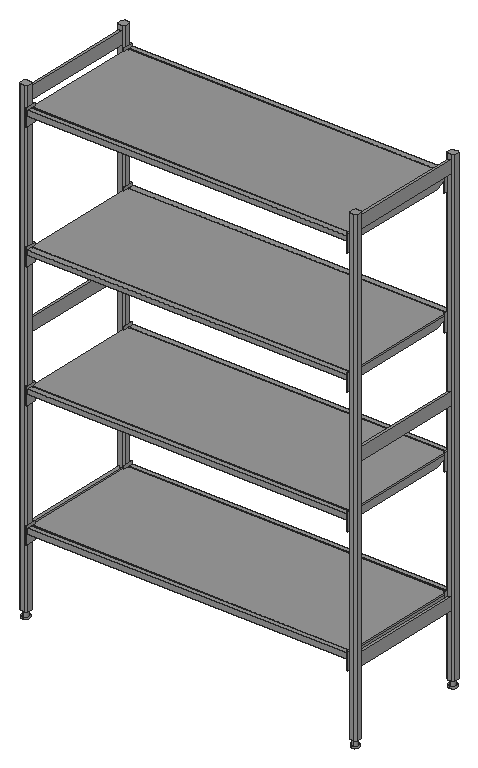
Revit family "QF_ELECTROLUXPROFESSIONAL_137035_BLS1216", category Attrezzature speciali, Revit 2020
Family settings
  Quota connettore circolare = Usa diametro
  Tipo di parte = Normale
  Basato su piano di lavoro = No
  Sempre verticale = Sì
  Taglio con vuoti quando caricato = No
  Condiviso = No
  Punto di calcolo locali = No
Parameters (values of type "Standard")
  Weight = 24.00 kg
  Watts = 0 W
  Volts = 0 V
  URL Manufacturer = "https://www.electroluxprofessional.com/"
  URL = "https://www.electroluxprofessional.com/"
  Steam Supply Size = 0 mm
  Steam Supply Minimum Pressure = 0.0 Pa
  Steam Supply Maximum Pressure = 0.0 Pa
  Steam Consumption per Hour = 0
  Refrigeration Suction Line Size = 0.0 mm
  Refrigeration Liquid Line Size = 0.0 mm
  Refrigerant Compressor Remote = yes
  Prospetto di default = 0.0 mm
  Phase = 0
  Modello = "BLS1216"
  Produttore = "Electrolux Professional"
  Length Actual = 1216.0 mm  # constant formula
  Item Number = "137035"
  Hot Water Size = 0 mm
  Height Actual = 1700.0 mm  # constant formula
  HP = "0 HP"
  Gas Size = 0 mm
  Gas KW = 0
  Gas Input Pressure = 0 W
  Direct Waste Size = 0 mm
  Descrizione = "ALUM.LINEAR SHELV.-POLY.TIERS-475X1216MM"
  Depth Actual = 475.0 mm  # constant formula
  Cycle = 0 Hz
  Condensate Return Size = 0 mm
  Compressed Air Volume = 0.0 L/s
  Compressed Air Size = 0 mm
  Compressed Air Pressure = 0.0 Pa
  Cold Water Size = 0 mm
  Accessory = yes
Reference planes
  plane 1: z = 0
  plane 2 "Center (Left/Right)": x = -31
  plane 3 "LEFT": x = -639
  plane 4 "RIGHT": x = 577
  plane 5 "BACK": y = 23
  plane 6 "FRONT": y = -452
  plane 7 "TOP": z = 1700
  plane 8: x = 572
  plane 9: x = -607
  plane 10: x = 545
  plane 11 "Center (Front/Back)": y = -214.5
  plane 12: x = 540
  plane 13: y = -8.5
  plane 14: y = -420.5
  plane 15 "FEET": z = 25
  plane 16: z = 275
  plane 17: z = 725
  plane 18: z = 1175
  plane 19: z = 1625
  plane 20 "CXLeft": x = -625
  plane 21 "CXRight": x = 563
  plane 22: y = 5.5
  plane 23 "CYBack": y = 5.5
  plane 24 "CYFront": y = -434.5
Forms (mm)
  Extrusion 1, solid, material "QF_Aluminum"
    sketch origin (-639, 0, 0) x (0, 1, 0) y (0, 0, 1)
      loop
        line (4, 1650.994) -> (4, 1632.998) -> (23, 1632.998) -> (23, 1650.994) -> (4, 1650.994)
      loop
        line (-433, 1650.994) -> (-452, 1650.994) -> (-452, 1632.998) -> (-433, 1632.998) -> (-433, 1650.994)
      loop
        line (4, 1200.994) -> (4, 1182.998) -> (23, 1182.998) -> (23, 1200.994) -> (4, 1200.994)
      loop
        line (-433, 1200.994) -> (-452, 1200.994) -> (-452, 1182.998) -> (-433, 1182.998) -> (-433, 1200.994)
      loop
        line (4, 750.994) -> (4, 732.998) -> (23, 732.998) -> (23, 750.994) -> (4, 750.994)
      loop
        line (-433, 750.994) -> (-452, 750.994) -> (-452, 732.998) -> (-433, 732.998) -> (-433, 750.994)
      loop
        line (4, 300.994) -> (4, 282.998) -> (23, 282.998) -> (23, 300.994) -> (4, 300.994)
      loop
        line (-433, 300.994) -> (-452, 300.994) -> (-452, 282.998) -> (-433, 282.998) -> (-433, 300.994)
    from 32 to 1184
  Extrusion 2, solid, material "QF_Polyethylene"
    sketch origin (-639, 0, 0) x (0, 1, 0) y (0, 0, 1)
      loop
        line (2.007, 1650.994) -> (-431, 1650.994) -> (-431, 1644.496) -> (2.007, 1644.496) -> (2.007, 1650.994)
      loop
        line (2.007, 1200.994) -> (-431, 1200.994) -> (-431, 1194.496) -> (2.007, 1194.496) -> (2.007, 1200.994)
      loop
        line (2.007, 750.994) -> (-431, 750.994) -> (-431, 744.496) -> (2.007, 744.496) -> (2.007, 750.994)
      loop
        line (2.007, 300.994) -> (-431, 300.994) -> (-431, 294.496) -> (2.007, 294.496) -> (2.007, 300.994)
    from 32 to 1184
  Extrusion 3, solid, material "QF_Aluminum"
    sketch origin (577, 0, 0) x (0, 1, 0) y (0, 0, 1)
      loop
        line (-12, 1632.998) -> (4, 1632.998) -> (4, 1650.994) -> (2.007, 1650.994) -> (2.007, 1644.496) -> (-431, 1644.496) -> (-431, 1650.994) -> (-433, 1650.994) -> (-433, 1632.998) -> (-417, 1632.998) -> (-383, 1620.994) -> (-46, 1620.994) -> (-12, 1632.998)
      loop
        line (-12, 1182.998) -> (4, 1182.998) -> (4, 1200.994) -> (2.007, 1200.994) -> (2.007, 1194.496) -> (-431, 1194.496) -> (-431, 1200.994) -> (-433, 1200.994) -> (-433, 1182.998) -> (-417, 1182.998) -> (-383, 1170.994) -> (-46, 1170.994) -> (-12, 1182.998)
      loop
        line (-12, 732.998) -> (4, 732.998) -> (4, 750.994) -> (2.007, 750.994) -> (2.007, 744.496) -> (-431, 744.496) -> (-431, 750.994) -> (-433, 750.994) -> (-433, 732.998) -> (-417, 732.998) -> (-383, 720.994) -> (-46, 720.994) -> (-12, 732.998)
      loop
        line (-12, 282.998) -> (4, 282.998) -> (4, 300.994) -> (2.007, 300.994) -> (2.007, 294.496) -> (-431, 294.496) -> (-431, 300.994) -> (-433, 300.994) -> (-433, 282.998) -> (-417, 282.998) -> (-383, 270.994) -> (-46, 270.994) -> (-12, 282.998)
    from -32 to -37
Lines and regions (mm)
  symbolic lines
    curve 1: line (545, 4, 1700) -> (-607, 4, 1700)
    curve 2: line (-611, 23, 1700) -> (549, 23, 1700)
    curve 3: line (549, 13.246, 1700) -> (555.254, 19.5, 1700)
    curve 4: line (555.254, -8.5, 1700) -> (549, -2.246, 1700)
    curve 5: line (555.254, -420.5, 1700) -> (549, -426.754, 1700)
    curve 6: line (-611, -452, 1700) -> (549, -452, 1700)
    curve 7: line (549, 23, 1700) -> (549, -12.993, 1700)
    curve 8: line (549, -12.993, 1700) -> (545, -12.993, 1700)
    curve 9: line (549, -452, 1700) -> (549, -416.007, 1700)
    curve 10: line (549, -416.007, 1700) -> (545, -416.007, 1700)
    curve 11: line (-607, -12.993, 1700) -> (-607, -416.007, 1700)
    curve 12: line (-607, -433, 1700) -> (545, -433, 1700)
    curve 13: line (545, -12.993, 1700) -> (545, -416.007, 1700)
Dimensions and locks
  locked: plane 3 "LEFT" to plane 4 "RIGHT" at 1216
  equal spacing: plane 3 "LEFT", plane 2 "Center (Left/Right)", plane 4 "RIGHT"
  locked: plane 7 "TOP" to level at 1700
  locked: plane 5 "BACK" to plane 6 "FRONT" at 475
  locked: plane 4 "RIGHT" to plane 8 at 5
  locked: plane 9 to plane 10 at 1152
  locked: plane 3 "LEFT" to plane 9 at 32
  plane 12 to plane 10 = 5.0 mm
  locked: plane 13 to plane 14 at 412
  equal spacing: plane 13, plane 11 "Center (Front/Back)", plane 14
  equal spacing: plane 5 "BACK", plane 11 "Center (Front/Back)", plane 6 "FRONT"
  plane 15 "FEET" to level = 25.0 mm
  plane 7 "TOP" to plane 15 "FEET" = 1675.0 mm
  plane 16 to plane 15 "FEET" = 250.0 mm
  plane 17 to plane 16 = 450.0 mm
  plane 18 to plane 17 = 450.0 mm
  plane 19 to plane 18 = 450.0 mm
  locked: plane 3 "LEFT" to plane 20 "CXLeft" at 14
  locked: plane 21 "CXRight" to plane 4 "RIGHT" at 14
  locked: plane 5 "BACK" to plane 23 "CYBack" at 17.5
  locked: plane 24 "CYFront" to plane 6 "FRONT" at 17.5
  aligned and locked: level to plane 1
  aligned and locked: plane 9 to Extrusion 2
  aligned and locked: Extrusion 2 to plane 10
  aligned and locked: plane 9 to Extrusion 1
  aligned and locked: Extrusion 1 to plane 10
  aligned and locked: Extrusion 1 sketch curve to Extrusion 1 sketch curve  (x2)
  aligned and locked: Extrusion 3 sketch curve to Extrusion 3 sketch curve  (x3)
  aligned and locked: Extrusion 3 to plane 12
  aligned and locked: Extrusion 3 to plane 10
  aligned and locked: nested 1 to plane 20 "CXLeft"
  aligned and locked: nested 2 to plane 21 "CXRight"
Automatic sketch dimensions
  Extrusion 1 sketch curve to plane 6 "FRONT" = 0.0 mm  (x4)
  Extrusion 1 sketch curve to plane 5 "BACK" = 0.0 mm  (x4)
  plane 24 "CYFront" to Extrusion 1 sketch curve = 1.5 mm  (x2)
  plane 22 to Extrusion 1 sketch curve = 1.5 mm  (x4)
  plane 16 to Extrusion 1 sketch curve = 7.998 mm  (x2)
  Extrusion 1 sketch curve to Extrusion 1 sketch curve = 17.997 mm  (x8)
  plane 17 to Extrusion 1 sketch curve = 7.998 mm  (x2)
  plane 18 to Extrusion 1 sketch curve = 7.998 mm  (x2)
  plane 19 to Extrusion 1 sketch curve = 7.998 mm  (x2)
  plane 24 "CYFront" to Extrusion 2 sketch curve = 3.5 mm  (x4)
  plane 22 to Extrusion 2 sketch curve = 3.493 mm  (x4)
  plane 16 to Extrusion 2 sketch curve = 19.496 mm
  Extrusion 2 sketch curve to Extrusion 2 sketch curve = 6.499 mm  (x4)
  plane 17 to Extrusion 2 sketch curve = 19.496 mm
  plane 18 to Extrusion 2 sketch curve = 19.496 mm
  plane 19 to Extrusion 2 sketch curve = 19.496 mm
  plane 24 "CYFront" to Extrusion 3 sketch curve = 1.5 mm  (x4)
  Extrusion 3 sketch curve to Extrusion 3 sketch curve = 2.0 mm
  plane 14 to Extrusion 3 sketch curve = 3.5 mm  (x4)
  Extrusion 3 sketch curve to plane 16 = 4.006 mm
  Extrusion 3 sketch curve to Extrusion 3 sketch curve = 34.0 mm  (x4)
  Extrusion 3 sketch curve to plane 17 = 4.006 mm
  Extrusion 3 sketch curve to plane 18 = 4.006 mm
  Extrusion 3 sketch curve to plane 19 = 4.006 mm
  Extrusion 3 sketch curve to plane 13 = 37.5 mm  (x4)
  Extrusion 3 sketch curve to plane 13 = 3.5 mm  (x4)
  plane 22 to Extrusion 3 sketch curve = 3.493 mm  (x4)
  plane 22 to Extrusion 3 sketch curve = 1.5 mm  (x4)
  plane 16 to Extrusion 3 sketch curve = 7.998 mm  (x2)
  Extrusion 3 sketch curve to Extrusion 3 sketch curve = 11.498 mm  (x4)
  Extrusion 3 sketch curve to Extrusion 3 sketch curve = 6.499 mm  (x8)
  plane 17 to Extrusion 3 sketch curve = 7.998 mm  (x2)
  plane 18 to Extrusion 3 sketch curve = 7.998 mm  (x2)
  plane 19 to Extrusion 3 sketch curve = 7.998 mm  (x2)
  curve 6 to plane 6 "FRONT" = 0.0 mm
  curve 12 to plane 9 = 0.0 mm
  curve 12 to plane 10 = 0.0 mm
  curve 5 to plane 14 = 0.0 mm
  curve 11 to plane 9 = 0.0 mm
  curve 8 to plane 10 = 0.0 mm
  curve 4 to plane 13 = 0.0 mm
  curve 1 to plane 9 = 0.0 mm
  curve 1 to plane 10 = 0.0 mm
  curve 2 to plane 5 "BACK" = 0.0 mm
  plane 14 to curve 10 = 4.493 mm
  curve 7 to plane 13 = 4.493 mm
  curve 10 to plane 10 = 4.0 mm
  curve 7 to plane 10 = 4.0 mm
  plane 24 "CYFront" to curve 12 = 1.5 mm
  curve 5 to plane 14 = 6.254 mm
  plane 14 to curve 11 = 4.493 mm
  curve 11 to plane 13 = 4.493 mm
  plane 13 to curve 4 = 6.254 mm
  plane 22 to curve 1 = 1.5 mm
  curve 3 to plane 22 = 7.746 mm
  curve 3 to plane 5 "BACK" = 3.5 mm
  curve 5 to curve 9 = 6.254 mm
  curve 3 to curve 2 = 6.254 mm
  curve 4 to curve 7 = 6.254 mm
  plane 9 to curve 2 = 4.0 mm
  plane 9 to curve 6 = 4.0 mm
Nested families
  nested 1: "WT_Anta475" at (-222, 0, 0), type "WT_Anta475"
  nested 2: "WT_Anta475" at (160, 0, 0) x (-1, 0, 0) z (0, 0, 1), type "WT_Anta475"
Definition of nested family "WT_Anta475"
  Parameters
    WidthLeft = A + 64.0 mm  # 772.0 mm
    Width = 1606.0 mm
    Right = WidthLeft / 2  # 386.0 mm
    Default Elevation = 0.0 mm
    Left = -WidthLeft / 2  # -386.0 mm
    Height = 1725.0 mm
    FEET = 25.0 mm
    E = 0.0 mm
    Dint = Depth - 63.0 mm  # 412.0 mm
    Dext = Depth - 8.0 mm  # 467.0 mm
    Depth = 475.0 mm
    DX = (WidthLeft - A) / 2  # 32.0 mm
    B = 798.0 mm
    A = 708.0 mm
  Reference planes
    plane 1: z = 0
    plane 2 "LEFT": x = -417
    plane 3 "BACK": y = 23
    plane 4 "FRONT": y = -452
    plane 5 "TOP": z = 1725
    plane 6 "Center (Front/Back)": y = -214.5
    plane 7: y = -8.5
    plane 8: y = -420.5
    plane 9 "FEET": z = 25
    plane 10: z = 275
    plane 11: z = 725
    plane 12: z = 1175
    plane 13: z = 1625
    plane 14 "CXLeft": x = -403
    plane 15: y = 5.5
    plane 16 "CYBack": y = 5.5
    plane 17 "CYFront": y = -434.5
    plane 18: x = -385.031
    plane 19: x = -380.031
  Forms (mm)
    Extrusion 1, solid
      sketch origin (0, 0, 0) x (1, 0, 0) y (0, 1, 0)
        loop
          line (-417, 13.246) -> (-417, -2.246) -> (-410.746, -8.5) -> (-395.254, -8.5) -> (-389, -2.246) -> (-389, 13.246) -> (-395.254, 19.5) -> (-410.746, 19.5) -> (-417, 13.246)
      from 1725 to 25
    Extrusion 2, solid
      sketch origin (-417, 0, 0) x (0, 1, 0) y (0, 0, 1)
        loop
          line (23, 246.005) -> (23, 307.993) -> (-12.993, 307.993) -> (-12.993, 246.005) -> (23, 246.005)
        loop
          line (-452, 246.005) -> (-416.007, 246.005) -> (-416.007, 307.993) -> (-452, 307.993) -> (-452, 246.005)
        loop
          line (23, 696.005) -> (23, 757.993) -> (-12.993, 757.993) -> (-12.993, 696.005) -> (23, 696.005)
        loop
          line (-452, 696.005) -> (-416.007, 696.005) -> (-416.007, 757.993) -> (-452, 757.993) -> (-452, 696.005)
        loop
          line (23, 1146.005) -> (23, 1207.993) -> (-12.993, 1207.993) -> (-12.993, 1146.005) -> (23, 1146.005)
        loop
          line (-452, 1146.005) -> (-416.007, 1146.005) -> (-416.007, 1207.993) -> (-452, 1207.993) -> (-452, 1146.005)
        loop
          line (23, 1596.005) -> (23, 1657.993) -> (-12.993, 1657.993) -> (-12.993, 1596.005) -> (23, 1596.005)
        loop
          line (-452, 1596.005) -> (-416.007, 1596.005) -> (-416.007, 1657.993) -> (-452, 1657.993) -> (-452, 1596.005)
      from 28 to 32
    Revolve 3, solid
      sketch origin (-403, 0, 0) x (0, 1, 0) y (0, 0, 1)
        loop
          line (5.5, 25) -> (5.5, 0) -> (19, 0) -> (19, 5) -> (14, 5) -> (14, 25) -> (5.5, 25)
        axis (5.5, 25) -> (5.5, 0)
      angle from 0 to 360
    Extrusion 4, solid
      sketch origin (-403, 0, 0) x (0, 1, 0) y (0, 0, 1)
        loop
          line (-8.5, 912.382) -> (-8.5, 957.374) -> (-420.5, 957.374) -> (-420.5, 912.382) -> (-8.5, 912.382)
        loop
          line (-8.5, 1662.244) -> (-8.5, 1707.236) -> (-420.5, 1707.236) -> (-420.5, 1662.244) -> (-8.5, 1662.244)
      from -5 to 5
    Revolve 5, solid
      sketch origin (-403, -627, 0) x (0, -1, 0) y (0, 0, 1)
        loop
          line (-192.5, 25) -> (-192.5, 0) -> (-179, 0) -> (-179, 5) -> (-184, 5) -> (-184, 25) -> (-192.5, 25)
        axis (-192.5, 25) -> (-192.5, 0)
      angle from 0 to 360
    Extrusion 6, solid
      sketch origin (0, -627, 0) x (1, 0, 0) y (0, 1, 0)
        loop
          line (-417, 184.754) -> (-410.746, 178.5) -> (-395.254, 178.5) -> (-389, 184.754) -> (-389, 200.246) -> (-395.254, 206.5) -> (-410.746, 206.5) -> (-417, 200.246) -> (-417, 184.754)
      from 1725 to 25
    Extrusion 7, solid
      sketch origin (-417.031, -0.022, 0) x (0, 1, 0) y (0, 0, -1)
        loop
          line (-12, -1632.998) -> (-46, -1620.994) -> (-383, -1620.994) -> (-417, -1632.998) -> (-433, -1632.998) -> (-433, -1650.994) -> (-431, -1650.994) -> (-431, -1644.496) -> (2.007, -1644.496) -> (2.007, -1650.994) -> (4, -1650.994) -> (4, -1632.998) -> (-12, -1632.998)
        loop
          line (-12, -1182.998) -> (-46, -1170.994) -> (-383, -1170.994) -> (-417, -1182.998) -> (-433, -1182.998) -> (-433, -1200.994) -> (-431, -1200.994) -> (-431, -1194.496) -> (2.007, -1194.496) -> (2.007, -1200.994) -> (4, -1200.994) -> (4, -1182.998) -> (-12, -1182.998)
        loop
          line (-12, -732.998) -> (-46, -720.994) -> (-383, -720.994) -> (-417, -732.998) -> (-433, -732.998) -> (-433, -750.994) -> (-431, -750.994) -> (-431, -744.496) -> (2.007, -744.496) -> (2.007, -750.994) -> (4, -750.994) -> (4, -732.998) -> (-12, -732.998)
        loop
          line (-12, -282.998) -> (-46, -270.994) -> (-383, -270.994) -> (-417, -282.998) -> (-433, -282.998) -> (-433, -300.994) -> (-431, -300.994) -> (-431, -294.496) -> (2.007, -294.496) -> (2.007, -300.994) -> (4, -300.994) -> (4, -282.998) -> (-12, -282.998)
      from -32 to -37
    Extrusion 8, solid
      sketch origin (-403, 0, -659.878) x (0, 1, 0) y (0, 0, 1)
        loop
          line (-8.5, 912.382) -> (-8.5, 957.374) -> (-420.5, 957.374) -> (-420.5, 912.382) -> (-8.5, 912.382)
        loop
          line (-8.5, 1572.382) -> (-8.5, 1617.374) -> (-420.5, 1617.374) -> (-420.5, 1572.382) -> (-8.5, 1572.382)
        loop
          line (-8.5, 2322.382) -> (-8.5, 2367.374) -> (-420.5, 2367.374) -> (-420.5, 2322.382) -> (-8.5, 2322.382)
      from -5 to 5
  Lines and regions (mm)
    symbolic lines
      curve 1: line (-408, -8.5, 1725) -> (-408, -420.5, 1725)
      curve 2: line (-398, -420.5, 1725) -> (-398, -8.5, 1725)
      curve 3: line (-395.254, -8.5, 1725) -> (-410.746, -8.5, 1725)
      curve 4: line (-417, -2.246, 1725) -> (-410.746, -8.5, 1725)
      curve 5: line (-417, 13.246, 1725) -> (-417, -2.246, 1725)
      curve 6: line (-410.746, 19.5, 1725) -> (-417, 13.246, 1725)
      curve 7: line (-395.254, 19.5, 1725) -> (-410.746, 19.5, 1725)
      curve 8: line (-389, 13.246, 1725) -> (-395.254, 19.5, 1725)
      curve 9: line (-395.254, -8.5, 1725) -> (-389, -2.246, 1725)
      curve 10: line (-395.254, -420.5, 1725) -> (-410.746, -420.5, 1725)
      curve 11: line (-417, -426.754, 1725) -> (-410.746, -420.5, 1725)
      curve 12: line (-410.746, -448.5, 1725) -> (-417, -442.246, 1725)
      curve 13: line (-395.254, -448.5, 1725) -> (-410.746, -448.5, 1725)
      curve 14: line (-389, -442.246, 1725) -> (-395.254, -448.5, 1725)
      curve 15: line (-395.254, -420.5, 1725) -> (-389, -426.754, 1725)
      curve 16: line (-389, -452, 1725) -> (-389, -416.007, 1725)
      curve 17: line (-389, -416.007, 1725) -> (-385, -416.007, 1725)
      curve 18: line (-389, 23, 1725) -> (-389, -12.993, 1725)
      curve 19: line (-389, -12.993, 1725) -> (-385, -12.993, 1725)
      curve 20: line (-417, -426.754, 1725) -> (-417, -442.246, 1725)
      curve 21: line (-385, -452, 1725) -> (-385, -416.007, 1725)
      curve 22: line (-385, -452, 1725) -> (-389, -452, 1725)
      curve 23: line (-385, 23, 1725) -> (-389, 23, 1725)
      curve 24: line (-385, -12.993, 1725) -> (-385, 23, 1725)
      curve 25: line (-385.031, -13.016, 1725) -> (-385.031, -416.029, 1725)
  Dimensions and locks
    "Height": plane 5 "TOP" to level
    "Depth": plane 3 "BACK" to plane 4 "FRONT"
    "Dint": plane 7 to plane 8
    equal spacing: plane 7, plane 6 "Center (Front/Back)", plane 8
    equal spacing: plane 3 "BACK", plane 6 "Center (Front/Back)", plane 4 "FRONT"
    plane 9 "FEET" to level = 25.0 mm
    plane 5 "TOP" to plane 9 "FEET" = 1700.0 mm
    plane 10 to plane 9 "FEET" = 250.0 mm
    plane 11 to plane 10 = 450.0 mm
    plane 12 to plane 11 = 450.0 mm
    plane 13 to plane 12 = 450.0 mm
    locked: plane 2 "LEFT" to plane 14 "CXLeft" at 14
    locked: plane 3 "BACK" to plane 16 "CYBack" at 17.5
    locked: plane 17 "CYFront" to plane 4 "FRONT" at 17.5
    locked: Revolve 3 sketch curve to Revolve 3 sketch curve at 8.5
    locked: Revolve 3 sketch curve to plane 16 "CYBack" at 13.5
    locked: Revolve 5 sketch curve to Revolve 5 sketch curve at 8.5
    aligned and locked: level to plane 1
    aligned and locked: curve 20 to Extrusion 6
    aligned and locked: plane 5 "TOP" to Extrusion 1
    aligned and locked: plane 5 "TOP" to Extrusion 6
    aligned and locked: Extrusion 7 sketch curve to Extrusion 7 sketch curve  (x3)
  Automatic sketch dimensions
    curve 16 to plane 4 "FRONT" = 0.0 mm
    curve 11 to plane 8 = 0.0 mm
    curve 9 to plane 7 = 0.0 mm
    curve 5 to plane 2 "LEFT" = 0.0 mm
    curve 23 to plane 3 "BACK" = 0.0 mm
    plane 4 "FRONT" to curve 13 = 3.5 mm
    curve 20 to plane 17 "CYFront" = 7.746 mm
    curve 20 to plane 8 = 6.254 mm
    plane 8 to curve 16 = 4.493 mm
    curve 24 to plane 18 = 0.031 mm
    curve 24 to plane 7 = 4.493 mm
    plane 7 to curve 5 = 6.254 mm
    curve 5 to plane 15 = 7.746 mm
    curve 6 to plane 3 "BACK" = 3.5 mm
    curve 21 to plane 18 = 0.031 mm
    plane 18 to curve 23 = 3.969 mm
    plane 18 to curve 16 = 3.969 mm
    curve 18 to curve 8 = 6.254 mm
    curve 18 to curve 3 = 6.254 mm
    curve 16 to curve 13 = 6.254 mm
    curve 16 to curve 15 = 6.254 mm
    plane 2 "LEFT" to curve 10 = 6.254 mm
    plane 2 "LEFT" to curve 7 = 6.254 mm
    plane 2 "LEFT" to curve 12 = 6.254 mm
    plane 2 "LEFT" to curve 3 = 6.254 mm
    curve 14 to plane 17 "CYFront" = 7.746 mm
    curve 15 to plane 8 = 6.254 mm
    plane 7 to curve 9 = 6.254 mm
    curve 8 to plane 15 = 7.746 mm
    curve 3 to curve 2 = 2.746 mm
    curve 1 to curve 10 = 2.746 mm
    Extrusion 1 sketch curve to plane 2 "LEFT" = 0.0 mm
    Extrusion 1 sketch curve to plane 7 = 0.0 mm
    plane 2 "LEFT" to Extrusion 1 sketch curve = 6.254 mm  (x2)
    plane 14 "CXLeft" to Extrusion 1 sketch curve = 7.746 mm  (x2)
    Extrusion 1 sketch curve to plane 3 "BACK" = 3.5 mm
    plane 18 to Extrusion 1 sketch curve = 3.969 mm
    plane 7 to Extrusion 1 sketch curve = 6.254 mm  (x2)
    Extrusion 1 sketch curve to plane 15 = 7.746 mm  (x2)
    Extrusion 2 sketch curve to plane 4 "FRONT" = 0.0 mm  (x4)
    Extrusion 2 sketch curve to plane 3 "BACK" = 0.0 mm  (x4)
    plane 8 to Extrusion 2 sketch curve = 4.493 mm  (x4)
    Extrusion 2 sketch curve to plane 7 = 4.493 mm  (x4)
    Extrusion 2 sketch curve to plane 10 = 28.995 mm  (x2)
    plane 10 to Extrusion 2 sketch curve = 32.993 mm  (x2)
    Extrusion 2 sketch curve to plane 11 = 28.995 mm  (x2)
    plane 11 to Extrusion 2 sketch curve = 32.993 mm  (x2)
    Extrusion 2 sketch curve to plane 12 = 28.995 mm  (x2)
    plane 12 to Extrusion 2 sketch curve = 32.993 mm  (x2)
    Extrusion 2 sketch curve to plane 13 = 28.995 mm  (x2)
    plane 13 to Extrusion 2 sketch curve = 32.993 mm  (x2)
    Revolve 3 sketch curve to plane 9 "FEET" = 0.0 mm  (x2)
    Revolve 3 sketch curve to plane 15 = 0.0 mm  (x2)
    Revolve 3 sketch curve to level = 0.0 mm
    level to Revolve 3 sketch curve = 5.0 mm
    Revolve 3 sketch curve to Revolve 3 sketch curve = 11.655 mm
    Extrusion 4 sketch curve to plane 8 = 0.0 mm  (x2)
    Extrusion 4 sketch curve to plane 7 = 0.0 mm  (x2)
    plane 11 to Extrusion 4 sketch curve = 187.382 mm
    Extrusion 4 sketch curve to Extrusion 4 sketch curve = 44.992 mm
    plane 13 to Extrusion 4 sketch curve = 37.244 mm
    Extrusion 4 sketch curve to plane 5 "TOP" = 17.764 mm
    Revolve 5 sketch curve to plane 9 "FEET" = 0.0 mm  (x2)
    Revolve 5 sketch curve to plane 17 "CYFront" = 0.0 mm  (x2)
    Revolve 5 sketch curve to level = 0.0 mm
    Revolve 5 sketch curve to plane 4 "FRONT" = 4.0 mm
    Revolve 5 sketch curve to Revolve 5 sketch curve = 5.0 mm
    level to Revolve 5 sketch curve = 11.655 mm
    Extrusion 6 sketch curve to plane 2 "LEFT" = 0.0 mm
    Extrusion 6 sketch curve to plane 8 = 0.0 mm
    Extrusion 6 sketch curve to plane 2 "LEFT" = 6.254 mm  (x2)
    Extrusion 6 sketch curve to plane 14 "CXLeft" = 7.746 mm  (x2)
    Extrusion 6 sketch curve to plane 4 "FRONT" = 3.5 mm
    Extrusion 6 sketch curve to plane 18 = 3.969 mm
    plane 8 to Extrusion 6 sketch curve = 6.254 mm  (x2)
    plane 17 "CYFront" to Extrusion 6 sketch curve = 7.746 mm  (x2)
    plane 17 "CYFront" to Extrusion 7 sketch curve = 1.478 mm  (x4)
    Extrusion 7 sketch curve to Extrusion 7 sketch curve = 2.0 mm
    plane 8 to Extrusion 7 sketch curve = 3.478 mm  (x4)
    Extrusion 7 sketch curve to plane 10 = 4.006 mm
    Extrusion 7 sketch curve to Extrusion 7 sketch curve = 34.0 mm  (x4)
    Extrusion 7 sketch curve to plane 11 = 4.006 mm
    Extrusion 7 sketch curve to plane 12 = 4.006 mm
    Extrusion 7 sketch curve to plane 13 = 4.006 mm
    Extrusion 7 sketch curve to plane 7 = 37.522 mm  (x4)
    Extrusion 7 sketch curve to plane 7 = 3.522 mm  (x4)
    plane 15 to Extrusion 7 sketch curve = 3.516 mm  (x4)
    plane 15 to Extrusion 7 sketch curve = 1.522 mm  (x4)
    plane 13 to Extrusion 7 sketch curve = 7.998 mm  (x2)
    Extrusion 7 sketch curve to Extrusion 7 sketch curve = 11.498 mm
    Extrusion 7 sketch curve to Extrusion 7 sketch curve = 6.499 mm  (x5)
    plane 12 to Extrusion 7 sketch curve = 25.994 mm  (x2)
    plane 12 to Extrusion 7 sketch curve = 7.998 mm  (x2)
    plane 11 to Extrusion 7 sketch curve = 25.994 mm  (x2)
    plane 11 to Extrusion 7 sketch curve = 7.998 mm  (x2)
    plane 10 to Extrusion 7 sketch curve = 25.994 mm  (x2)
    plane 10 to Extrusion 7 sketch curve = 7.998 mm  (x2)
    curve 25 to plane 18 = 0.0 mm
    plane 8 to curve 25 = 4.471 mm
    curve 25 to plane 7 = 4.516 mm
    Extrusion 8 sketch curve to plane 8 = 0.0 mm  (x3)
    Extrusion 8 sketch curve to plane 7 = 0.0 mm  (x3)
    Extrusion 8 sketch curve to plane 10 = 22.496 mm
    plane 10 to Extrusion 8 sketch curve = 22.496 mm
    plane 11 to Extrusion 8 sketch curve = 187.504 mm
    Extrusion 8 sketch curve to Extrusion 8 sketch curve = 44.992 mm
    plane 13 to Extrusion 8 sketch curve = 37.504 mm
    Extrusion 8 sketch curve to plane 5 "TOP" = 17.504 mm
